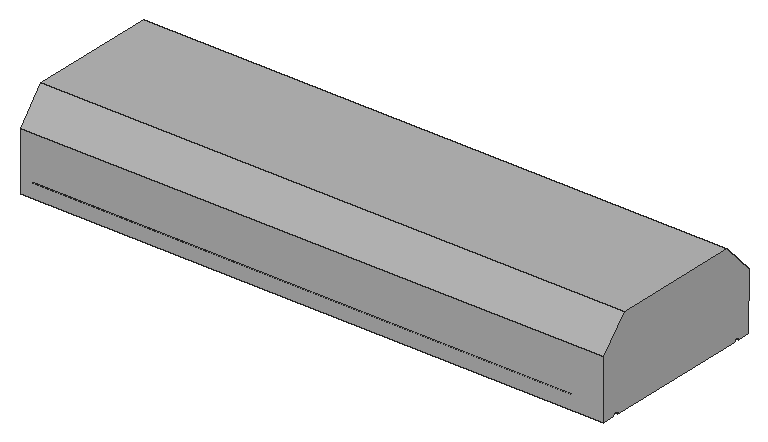
Revit family "WC114 Flat Double Chamfer", category Generic Models, Revit 2020
Family settings
  Can host rebar = No
  Round Connector Dimension = Use Diameter
  Part Type = Normal
  Work Plane-Based = No
  Always vertical = Yes
  Cut with Voids When Loaded = No
  Shared = No
  Room Calculation Point = No
Parameters
  Weight = "107Kg"
  Warranty Guarantor Parts = "n/a"
  Warranty Guarantor Labour = "n/a"
  Warranty Duration Unit = "n/a"
  Warranty Duration Parts = "n/a"
  Warranty Duration Labour = "n/a"
  Warranty Description = "n/a"
  Unit Width [instance] = 310 mm
  Unit Length [instance] = 1000 mm
  Unit Height [instance] = 150 mm
  URL = "www.killeshal.com"
  Types = "Single"
  Type Comments = "Visit our website for a full list of available products."
  Sustainability Performance = "n/a"
  Structural Class = "n/a"
  Span = "Unit Length"
  Slope = "0.00°"
  Size = "310mm x 150 to 100mm"
  Shape = "As per drawing"
  Service Life = "0.000000"
  Serial Number = "n/a"
  Resistance to Fire = "n/a"
  Replacement Cost = "n/a"
  Reference = "n/a"
  Notified Body = "n/a"
  Nominal Cover to Main Bar = "n/a"
  Model = "W/C 114 Wall Cap."
  Mechanical Resistance = "n/a"
  Manufacturer = "Killeshal Precast Concrete Ltd."
  Load Bearing = no
  Life Cycle Environmental Load = "n/a"
  Length Options = "Stock size 1000mm."
  Keynote = "The information contained is the sole property of KPC Ltd., any reproduction in part or whole without permission of KPC Ltd. is prohibited."
  Environmental Product Declaration = "n/a"
  Environmental Class = "n/a"
  Durability against Corrosion = "n/a"
  Dimension Accuracy Class = "n/a"
  Detailing = "As per design specification and product drawings."
  Description = "Flat Double Chamfer Wall Cap"
  Default Elevation = 0 mm
  Dangerous Substances = "n/a"
  Contact Tel = "0035357 9353018"
  Contact Email = "sales@killeshal.com"
  Construction Type = "Precast"
  Construction Tolerance Class = "n/a"
  Compressive Strength of Concrete = "n/a"
  Characteristics of Reinforcing Steel = "n/a"
  Characteristics Deflection Under Load = "n/a"
Reference planes
  plane 1 "Center (Front/Back)": y = 0
  plane 2: z = 0
  plane 3 "Center (Left/Right)": x = 0
  plane 4 "Rear": y = 155
  plane 5 "Front": y = -155
  plane 6 "Top": z = 150
  plane 7 "Center L/T": z = 100
  plane 8 "Center L/W": y = 110
  plane 9 "Center L/X": y = -110
  plane 10 "Center L/Y": y = 130
  plane 11 "Center L/Z": y = -130
Forms (mm)
  Extrusion 1, solid, material "Precast Concrete (KPC)"
    sketch origin (0, 0, 0) x (0, 1, 0) y (0, 0, 1)
      loop
        line (-155, 100) -> (-155, 0) -> (-135, 0)
        arc (-135, 0) -> (-130, 5) -> (-125, 0) r 5
        line (-125, 0) -> (125, 0)
        arc (125, 0) -> (130, 5) -> (135, 0) r 5
        line (135, 0) -> (155, 0) -> (155, 100) -> (110, 150) -> (-110, 150) -> (-155, 100)
    from 0 to 1000
Dimensions and locks
  "Unit Length": Extrusion 1 to Extrusion 1
  "Unit Width": Extrusion 1 to Extrusion 1
  plane 7 "Center L/T" to level = 100 mm
  "Unit Height": Extrusion 1 to Extrusion 1
  plane 8 "Center L/W" to plane 9 "Center L/X" = 220 mm
  plane 4 "Rear" to plane 8 "Center L/W" = 45 mm
  plane 9 "Center L/X" to plane 5 "Front" = 45 mm
  plane 6 "Top" to plane 7 "Center L/T" = 50 mm
  aligned and locked: level to plane 2
Automatic sketch dimensions
  Extrusion 1 sketch curve to plane 5 "Front" = 0 mm
  Extrusion 1 sketch curve to level = 0 mm
  Extrusion 1 sketch curve to plane 11 "Center L/Z" = 0 mm
  Extrusion 1 sketch curve to plane 6 "Top" = 0 mm
  Extrusion 1 sketch curve to plane 9 "Center L/X" = 0 mm
  Extrusion 1 sketch curve to plane 8 "Center L/W" = 0 mm
  Extrusion 1 sketch curve to plane 10 "Center L/Y" = 0 mm
  Extrusion 1 sketch curve to plane 4 "Rear" = 0 mm
  Extrusion 1 sketch curve to plane 7 "Center L/T" = 0 mm  (x2)
  Extrusion 1 sketch curve to Extrusion 1 sketch curve = 5 mm  (x2)
